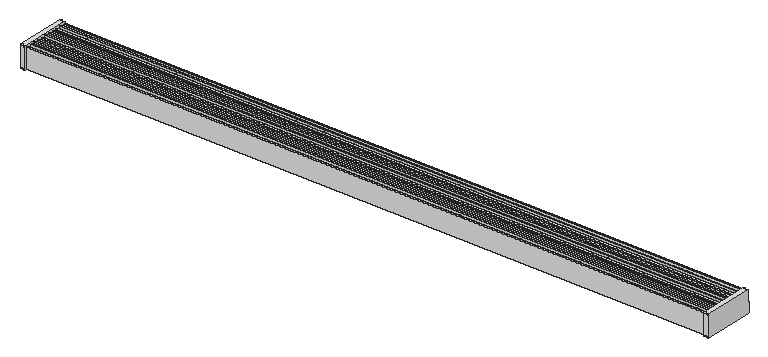
Revit family "Shower-Drain_Cover-KOHLER-Linear-K-80653_1", category Specialty Equipment, host Face, Revit 2017 (continued)
Definition of nested family "K-80653"
  Lines and regions (in)
    symbolic lines, detail levels medium+fine
      curve 1737: line (7.70298, -0.77, 0) -> (7.04018, -0.77, 0)
      curve 1738: line (7.81498, -0.77, 0) -> (7.81498, -0.83109, 0)
      curve 1739: line (7.70298, -0.77, 0) -> (7.70298, -0.83109, 0)
      curve 1740: line (8.47916, -0.77, 0) -> (8.47916, -0.91, 0)
      curve 1741: line (8.47916, -0.67, 0) -> (7.81498, -0.67, 0)
      curve 1742: line (8.47916, -0.53, 0) -> (7.81498, -0.53, 0)
      curve 1743: line (7.70298, -0.67, 0) -> (7.04018, -0.67, 0)
      curve 1744: line (7.70298, -0.53, 0) -> (7.04018, -0.53, 0)
      curve 1745: line (8.47916, -0.53, 0) -> (8.47916, -0.67, 0)
      curve 1746: line (7.04018, -0.43, 0) -> (7.04018, -0.29, 0)
      curve 1747: line (7.70298, -0.53, 0) -> (7.70298, -0.67, 0)
      curve 1748: line (7.81498, -0.53, 0) -> (7.81498, -0.67, 0)
      curve 1749: line (8.47916, -0.43, 0) -> (7.81498, -0.43, 0)
      curve 1750: line (8.47916, -0.29, 0) -> (7.81498, -0.29, 0)
      curve 1751: line (8.47916, -0.29, 0) -> (8.47916, -0.43, 0)
      curve 1752: line (7.81498, -0.29, 0) -> (7.81498, -0.43, 0)
      curve 1753: line (7.70298, -0.29, 0) -> (7.70298, -0.43, 0)
      curve 1754: line (7.04018, -0.19, 0) -> (7.04018, -0.05, 0)
      curve 1755: line (7.70298, -0.29, 0) -> (7.04018, -0.29, 0)
      curve 1756: line (7.70298, -0.43, 0) -> (7.04018, -0.43, 0)
      curve 1757: line (8.47916, -0.19, 0) -> (7.81498, -0.19, 0)
      curve 1758: line (8.47916, -0.05, 0) -> (7.81498, -0.05, 0)
      curve 1759: line (7.70298, -0.19, 0) -> (7.04018, -0.19, 0)
      curve 1760: line (7.70298, -0.05, 0) -> (7.04018, -0.05, 0)
      curve 1761: line (6.26323, 0.05, 0) -> (6.26323, 0.19, 0)
      curve 1762: line (6.82691, 1.15, 0) -> (6.36286, 1.15, 0)
      curve 1763: arc (6.92603, 1.05088, 0) -> (6.897, 1.12097, 0) -> (6.82691, 1.15, 0) r 0.09912
      curve 1764: line (6.15123, 0.05, 0) -> (6.15123, 0.19, 0)
      curve 1765: line (5.58755, 1.15, 0) -> (6.05718, 1.15, 0)
      curve 1766: line (5.48843, 1.05088, 0) -> (5.48843, 1.01, 0)
      curve 1767: arc (5.48843, 1.05088, 0) -> (5.51746, 1.12097, 0) -> (5.58755, 1.15, 0) r 0.09912
      curve 1768: line (5.48843, 0.91, 0) -> (6.15123, 0.91, 0)
      curve 1769: line (6.92741, 0.05, 0) -> (6.92741, 0.19, 0)
      curve 1770: line (6.92741, 1.01, 0) -> (6.26323, 1.01, 0)
      curve 1771: line (6.15123, 1.01, 0) -> (5.48843, 1.01, 0)
      curve 1772: line (6.92741, 1.01, 0) -> (6.92741, 1.05088, 0)
      curve 1773: line (5.48843, 0.91, 0) -> (5.48843, 0.77, 0)
      curve 1774: line (6.92741, 0.77, 0) -> (6.26323, 0.77, 0)
      curve 1775: line (6.26323, 0.91, 0) -> (6.92741, 0.91, 0)
      curve 1776: line (5.48843, 0.67, 0) -> (5.48843, 0.53, 0)
      curve 1777: line (6.15123, 0.77, 0) -> (5.48843, 0.77, 0)
      curve 1778: line (6.26323, 0.77, 0) -> (6.26323, 0.91, 0)
      curve 1779: line (6.15123, 0.77, 0) -> (6.15123, 0.91, 0)
      curve 1780: line (6.92741, 0.77, 0) -> (6.92741, 0.91, 0)
      curve 1781: line (6.92741, 0.67, 0) -> (6.26323, 0.67, 0)
      curve 1782: line (6.92741, 0.53, 0) -> (6.26323, 0.53, 0)
      curve 1783: line (6.15123, 0.67, 0) -> (5.48843, 0.67, 0)
      curve 1784: line (6.15123, 0.53, 0) -> (5.48843, 0.53, 0)
      curve 1785: line (6.92741, 0.53, 0) -> (6.92741, 0.67, 0)
      curve 1786: line (5.48843, 0.43, 0) -> (5.48843, 0.29, 0)
      curve 1787: line (6.15123, 0.53, 0) -> (6.15123, 0.67, 0)
      curve 1788: line (6.26323, 0.53, 0) -> (6.26323, 0.67, 0)
      curve 1789: line (6.92741, 0.43, 0) -> (6.26323, 0.43, 0)
      curve 1790: line (6.92741, 0.29, 0) -> (6.26323, 0.29, 0)
      curve 1791: line (6.92741, 0.29, 0) -> (6.92741, 0.43, 0)
      curve 1792: line (6.26323, 0.29, 0) -> (6.26323, 0.43, 0)
      curve 1793: line (6.15123, 0.29, 0) -> (6.15123, 0.43, 0)
      curve 1794: line (5.48843, 0.19, 0) -> (5.48843, 0.05, 0)
      curve 1795: line (6.15123, 0.29, 0) -> (5.48843, 0.29, 0)
      curve 1796: line (6.15123, 0.43, 0) -> (5.48843, 0.43, 0)
      curve 1797: line (6.92741, 0.19, 0) -> (6.26323, 0.19, 0)
      curve 1798: line (6.92741, 0.05, 0) -> (6.26323, 0.05, 0)
      curve 1799: line (6.15123, 0.19, 0) -> (5.48843, 0.19, 0)
      curve 1800: line (6.15123, 0.05, 0) -> (5.48843, 0.05, 0)
      curve 1801: line (6.26323, -0.05, 0) -> (6.26323, -0.19, 0)
      curve 1802: line (6.82691, -1.15, 0) -> (6.36859, -1.15, 0)
      curve 1803: arc (6.92603, -1.05088, 0) -> (6.897, -1.12097, 0) -> (6.82691, -1.15, 0) r 0.09912
      curve 1804: line (6.15123, -0.05, 0) -> (6.15123, -0.19, 0)
      curve 1805: line (5.58755, -1.15, 0) -> (6.05093, -1.15, 0)
      curve 1806: line (5.48843, -1.05088, 0) -> (5.48843, -1.01, 0)
      curve 1807: arc (5.48843, -1.05088, 0) -> (5.51746, -1.12097, 0) -> (5.58755, -1.15, 0) r 0.09912
      curve 1808: line (5.48843, -0.91, 0) -> (6.15123, -0.91, 0)
      curve 1809: line (6.92741, -0.05, 0) -> (6.92741, -0.19, 0)
      curve 1810: line (6.92741, -1.01, 0) -> (6.26323, -1.01, 0)
      curve 1811: line (6.15123, -1.01, 0) -> (5.48843, -1.01, 0)
      curve 1812: line (6.92741, -1.01, 0) -> (6.92741, -1.05088, 0)
      curve 1813: line (5.48843, -0.91, 0) -> (5.48843, -0.77, 0)
      curve 1814: line (6.92741, -0.77, 0) -> (6.26323, -0.77, 0)
      curve 1815: line (6.26323, -0.91, 0) -> (6.92741, -0.91, 0)
      curve 1816: line (5.48843, -0.67, 0) -> (5.48843, -0.53, 0)
      curve 1817: line (6.15123, -0.77, 0) -> (5.48843, -0.77, 0)
      curve 1818: line (6.26323, -0.77, 0) -> (6.26323, -0.91, 0)
      curve 1819: line (6.15123, -0.77, 0) -> (6.15123, -0.91, 0)
      curve 1820: line (6.92741, -0.77, 0) -> (6.92741, -0.91, 0)
      curve 1821: line (6.92741, -0.67, 0) -> (6.26323, -0.67, 0)
      curve 1822: line (6.92741, -0.53, 0) -> (6.26323, -0.53, 0)
      curve 1823: line (6.15123, -0.67, 0) -> (5.48843, -0.67, 0)
      curve 1824: line (6.15123, -0.53, 0) -> (5.48843, -0.53, 0)
      curve 1825: line (6.92741, -0.53, 0) -> (6.92741, -0.67, 0)
      curve 1826: line (5.48843, -0.43, 0) -> (5.48843, -0.29, 0)
      curve 1827: line (6.15123, -0.53, 0) -> (6.15123, -0.67, 0)
      curve 1828: line (6.26323, -0.53, 0) -> (6.26323, -0.67, 0)
      curve 1829: line (6.92741, -0.43, 0) -> (6.26323, -0.43, 0)
      curve 1830: line (6.92741, -0.29, 0) -> (6.26323, -0.29, 0)
      curve 1831: line (6.92741, -0.29, 0) -> (6.92741, -0.43, 0)
      curve 1832: line (6.26323, -0.29, 0) -> (6.26323, -0.43, 0)
      curve 1833: line (6.15123, -0.29, 0) -> (6.15123, -0.43, 0)
      curve 1834: line (5.48843, -0.19, 0) -> (5.48843, -0.05, 0)
      curve 1835: line (6.15123, -0.29, 0) -> (5.48843, -0.29, 0)
      curve 1836: line (6.15123, -0.43, 0) -> (5.48843, -0.43, 0)
      curve 1837: line (6.92741, -0.19, 0) -> (6.26323, -0.19, 0)
      curve 1838: line (6.92741, -0.05, 0) -> (6.26323, -0.05, 0)
      curve 1839: line (6.15123, -0.19, 0) -> (5.48843, -0.19, 0)
      curve 1840: line (6.15123, -0.05, 0) -> (5.48843, -0.05, 0)
      curve 1841: arc (6.26323, -1.04464, 0) -> (6.29409, -1.11914, 0) -> (6.36859, -1.15, 0) r 0.10536
      curve 1842: arc (6.15123, -1.0497, 0) -> (6.12185, -1.12062, 0) -> (6.05093, -1.15, 0) r 0.1003
      curve 1843: line (6.26323, -1.01, 0) -> (6.26323, -1.04464, 0)
      curve 1844: line (6.15123, -1.01, 0) -> (6.15123, -1.0497, 0)
      curve 1845: arc (6.26323, 1.05037, 0) -> (6.29241, 1.12082, 0) -> (6.36286, 1.15, 0) r 0.09963
      curve 1846: line (6.26323, 1.01, 0) -> (6.26323, 1.05037, 0)
      curve 1847: line (6.15123, 1.01, 0) -> (6.15123, 1.05595, 0)
      curve 1848: arc (6.15123, 1.05595, 0) -> (6.12368, 1.12245, 0) -> (6.05718, 1.15, 0) r 0.09405
      curve 1849: line (4.71021, 0.05, 0) -> (4.71021, 0.19, 0)
      curve 1850: arc (4.71021, 0.83109, 0) -> (4.72195, 0.87565, 0) -> (4.75266, 0.91, 0) r 0.09854
      curve 1851: arc (4.81757, 1.01, 0) -> (4.8205, 1.02893, 0) -> (4.82125, 1.04807, 0) r 0.16707
      curve 1852: line (5.27389, 1.15, 0) -> (4.92132, 1.15, 0)
      curve 1853: arc (5.37301, 1.05088, 0) -> (5.34398, 1.12097, 0) -> (5.27389, 1.15, 0) r 0.09912
      curve 1854: arc (4.92132, 1.15, 0) -> (4.8499, 1.12003, 0) -> (4.82125, 1.04807, 0) r 0.10009
      curve 1855: arc (4.56686, 1.01, 0) -> (4.65421, 1.13911, 0) -> (4.74157, 1.01, 0) r 0.09411
      curve 1856: line (4.59821, 0.05, 0) -> (4.59821, 0.19, 0)
      curve 1857: arc (4.59821, 0.83109, 0) -> (4.58647, 0.87565, 0) -> (4.55576, 0.91, 0) r 0.09854
      curve 1858: arc (4.49085, 1.01, 0) -> (4.48792, 1.02893, 0) -> (4.48717, 1.04807, 0) r 0.16707
      curve 1859: line (4.03453, 1.15, 0) -> (4.3871, 1.15, 0)
      curve 1860: line (3.93541, 1.05088, 0) -> (3.93541, 1.01, 0)
      curve 1861: arc (3.93541, 1.05088, 0) -> (3.96444, 1.12097, 0) -> (4.03453, 1.15, 0) r 0.09912
      curve 1862: arc (4.3871, 1.15, 0) -> (4.45852, 1.12003, 0) -> (4.48717, 1.04807, 0) r 0.10009
      curve 1863: line (3.93541, 0.91, 0) -> (4.55576, 0.91, 0)
      curve 1864: line (5.3744, 0.05, 0) -> (5.3744, 0.19, 0)
      curve 1865: line (5.3744, 1.01, 0) -> (4.81757, 1.01, 0)
      curve 1866: line (4.49085, 1.01, 0) -> (3.93541, 1.01, 0)
      curve 1867: line (4.74157, 1.01, 0) -> (4.56686, 1.01, 0)
      curve 1868: line (5.3744, 1.01, 0) -> (5.3744, 1.05088, 0)
      curve 1869: line (3.93541, 0.91, 0) -> (3.93541, 0.77, 0)
      curve 1870: line (5.3744, 0.77, 0) -> (4.71021, 0.77, 0)
      curve 1871: line (4.75266, 0.91, 0) -> (5.3744, 0.91, 0)
      curve 1872: line (3.93541, 0.67, 0) -> (3.93541, 0.53, 0)
      curve 1873: line (4.59821, 0.77, 0) -> (3.93541, 0.77, 0)
      curve 1874: line (4.71021, 0.77, 0) -> (4.71021, 0.83109, 0)
      curve 1875: line (4.59821, 0.77, 0) -> (4.59821, 0.83109, 0)
      curve 1876: line (5.3744, 0.77, 0) -> (5.3744, 0.91, 0)
      curve 1877: line (5.3744, 0.67, 0) -> (4.71021, 0.67, 0)
      curve 1878: line (5.3744, 0.53, 0) -> (4.71021, 0.53, 0)
      curve 1879: line (4.59821, 0.67, 0) -> (3.93541, 0.67, 0)
      curve 1880: line (4.59821, 0.53, 0) -> (3.93541, 0.53, 0)
      curve 1881: line (5.3744, 0.53, 0) -> (5.3744, 0.67, 0)
      curve 1882: line (3.93541, 0.43, 0) -> (3.93541, 0.29, 0)
      curve 1883: line (4.59821, 0.53, 0) -> (4.59821, 0.67, 0)
      curve 1884: line (4.71021, 0.53, 0) -> (4.71021, 0.67, 0)
      curve 1885: line (5.3744, 0.43, 0) -> (4.71021, 0.43, 0)
      curve 1886: line (5.3744, 0.29, 0) -> (4.71021, 0.29, 0)
      curve 1887: line (5.3744, 0.29, 0) -> (5.3744, 0.43, 0)
      curve 1888: line (4.71021, 0.29, 0) -> (4.71021, 0.43, 0)
      curve 1889: line (4.59821, 0.29, 0) -> (4.59821, 0.43, 0)
      curve 1890: line (3.93541, 0.19, 0) -> (3.93541, 0.05, 0)
      curve 1891: line (4.59821, 0.29, 0) -> (3.93541, 0.29, 0)
      curve 1892: line (4.59821, 0.43, 0) -> (3.93541, 0.43, 0)
      curve 1893: line (5.3744, 0.19, 0) -> (4.71021, 0.19, 0)
      curve 1894: line (5.3744, 0.05, 0) -> (4.71021, 0.05, 0)
      curve 1895: line (4.59821, 0.19, 0) -> (3.93541, 0.19, 0)
      curve 1896: line (4.59821, 0.05, 0) -> (3.93541, 0.05, 0)
      curve 1897: line (4.71021, -0.05, 0) -> (4.71021, -0.19, 0)
      curve 1898: arc (4.71021, -0.83109, 0) -> (4.72195, -0.87565, 0) -> (4.75266, -0.91, 0) r 0.09854
      curve 1899: arc (4.81757, -1.01, 0) -> (4.8205, -1.02893, 0) -> (4.82125, -1.04807, 0) r 0.16707
      curve 1900: line (5.27389, -1.15, 0) -> (4.92132, -1.15, 0)
      curve 1901: arc (5.37301, -1.05088, 0) -> (5.34398, -1.12097, 0) -> (5.27389, -1.15, 0) r 0.09912
      curve 1902: arc (4.92132, -1.15, 0) -> (4.8499, -1.12003, 0) -> (4.82125, -1.04807, 0) r 0.10009
      curve 1903: arc (4.56686, -1.01, 0) -> (4.65421, -1.13911, 0) -> (4.74157, -1.01, 0) r 0.09411
      curve 1904: line (4.59821, -0.05, 0) -> (4.59821, -0.19, 0)
      curve 1905: arc (4.59821, -0.83109, 0) -> (4.58647, -0.87565, 0) -> (4.55576, -0.91, 0) r 0.09854
      curve 1906: arc (4.49085, -1.01, 0) -> (4.48792, -1.02893, 0) -> (4.48717, -1.04807, 0) r 0.16707
      curve 1907: line (4.03453, -1.15, 0) -> (4.3871, -1.15, 0)
      curve 1908: line (3.93541, -1.05088, 0) -> (3.93541, -1.01, 0)
      curve 1909: arc (3.93541, -1.05088, 0) -> (3.96444, -1.12097, 0) -> (4.03453, -1.15, 0) r 0.09912
      curve 1910: arc (4.3871, -1.15, 0) -> (4.45852, -1.12003, 0) -> (4.48717, -1.04807, 0) r 0.10009
      curve 1911: line (3.93541, -0.91, 0) -> (4.55576, -0.91, 0)
      curve 1912: line (5.3744, -0.05, 0) -> (5.3744, -0.19, 0)
      curve 1913: line (5.3744, -1.01, 0) -> (4.81757, -1.01, 0)
      curve 1914: line (4.49085, -1.01, 0) -> (3.93541, -1.01, 0)
      curve 1915: line (4.74157, -1.01, 0) -> (4.56686, -1.01, 0)
      curve 1916: line (5.3744, -1.01, 0) -> (5.3744, -1.05088, 0)
      curve 1917: line (3.93541, -0.91, 0) -> (3.93541, -0.77, 0)
      curve 1918: line (5.3744, -0.77, 0) -> (4.71021, -0.77, 0)
      curve 1919: line (4.75266, -0.91, 0) -> (5.3744, -0.91, 0)
      curve 1920: line (3.93541, -0.67, 0) -> (3.93541, -0.53, 0)
      curve 1921: line (4.59821, -0.77, 0) -> (3.93541, -0.77, 0)
      curve 1922: line (4.71021, -0.77, 0) -> (4.71021, -0.83109, 0)
      curve 1923: line (4.59821, -0.77, 0) -> (4.59821, -0.83109, 0)
      curve 1924: line (5.3744, -0.77, 0) -> (5.3744, -0.91, 0)
      curve 1925: line (5.3744, -0.67, 0) -> (4.71021, -0.67, 0)
      curve 1926: line (5.3744, -0.53, 0) -> (4.71021, -0.53, 0)
      curve 1927: line (4.59821, -0.67, 0) -> (3.93541, -0.67, 0)
      curve 1928: line (4.59821, -0.53, 0) -> (3.93541, -0.53, 0)
      curve 1929: line (5.3744, -0.53, 0) -> (5.3744, -0.67, 0)
      curve 1930: line (3.93541, -0.43, 0) -> (3.93541, -0.29, 0)
      curve 1931: line (4.59821, -0.53, 0) -> (4.59821, -0.67, 0)
      curve 1932: line (4.71021, -0.53, 0) -> (4.71021, -0.67, 0)
      curve 1933: line (5.3744, -0.43, 0) -> (4.71021, -0.43, 0)
      curve 1934: line (5.3744, -0.29, 0) -> (4.71021, -0.29, 0)
      curve 1935: line (5.3744, -0.29, 0) -> (5.3744, -0.43, 0)
      curve 1936: line (4.71021, -0.29, 0) -> (4.71021, -0.43, 0)
      curve 1937: line (4.59821, -0.29, 0) -> (4.59821, -0.43, 0)
      curve 1938: line (3.93541, -0.19, 0) -> (3.93541, -0.05, 0)
      curve 1939: line (4.59821, -0.29, 0) -> (3.93541, -0.29, 0)
      curve 1940: line (4.59821, -0.43, 0) -> (3.93541, -0.43, 0)
      curve 1941: line (5.3744, -0.19, 0) -> (4.71021, -0.19, 0)
      curve 1942: line (5.3744, -0.05, 0) -> (4.71021, -0.05, 0)
      curve 1943: line (4.59821, -0.19, 0) -> (3.93541, -0.19, 0)
      curve 1944: line (4.59821, -0.05, 0) -> (3.93541, -0.05, 0)
      curve 1945: line (3.15846, 0.05, 0) -> (3.15846, 0.19, 0)
      curve 1946: line (3.72214, 1.15, 0) -> (3.25809, 1.15, 0)
      curve 1947: arc (3.82126, 1.05088, 0) -> (3.79223, 1.12097, 0) -> (3.72214, 1.15, 0) r 0.09912
      curve 1948: line (3.04646, 0.05, 0) -> (3.04646, 0.19, 0)
      curve 1949: line (2.48278, 1.15, 0) -> (2.95241, 1.15, 0)
      curve 1950: line (2.38366, 1.05088, 0) -> (2.38366, 1.01, 0)
      curve 1951: arc (2.38366, 1.05088, 0) -> (2.41269, 1.12097, 0) -> (2.48278, 1.15, 0) r 0.09912
      curve 1952: line (2.38366, 0.91, 0) -> (3.04646, 0.91, 0)
      curve 1953: line (3.82265, 0.05, 0) -> (3.82265, 0.19, 0)
      curve 1954: line (3.82265, 1.01, 0) -> (3.15846, 1.01, 0)
      curve 1955: line (3.04646, 1.01, 0) -> (2.38366, 1.01, 0)
      curve 1956: line (3.82265, 1.01, 0) -> (3.82265, 1.05088, 0)
      curve 1957: line (2.38366, 0.91, 0) -> (2.38366, 0.77, 0)
      curve 1958: line (3.82265, 0.77, 0) -> (3.15846, 0.77, 0)
      curve 1959: line (3.15846, 0.91, 0) -> (3.82265, 0.91, 0)
      curve 1960: line (2.38366, 0.67, 0) -> (2.38366, 0.53, 0)
      curve 1961: line (3.04646, 0.77, 0) -> (2.38366, 0.77, 0)
      curve 1962: line (3.15846, 0.77, 0) -> (3.15846, 0.91, 0)
      curve 1963: line (3.04646, 0.77, 0) -> (3.04646, 0.91, 0)
      curve 1964: line (3.82265, 0.77, 0) -> (3.82265, 0.91, 0)
      curve 1965: line (3.82265, 0.67, 0) -> (3.15846, 0.67, 0)
      curve 1966: line (3.82265, 0.53, 0) -> (3.15846, 0.53, 0)
      curve 1967: line (3.04646, 0.67, 0) -> (2.38366, 0.67, 0)
      curve 1968: line (3.04646, 0.53, 0) -> (2.38366, 0.53, 0)
      curve 1969: line (3.82265, 0.53, 0) -> (3.82265, 0.67, 0)
      curve 1970: line (2.38366, 0.43, 0) -> (2.38366, 0.29, 0)
      curve 1971: line (3.04646, 0.53, 0) -> (3.04646, 0.67, 0)
      curve 1972: line (3.15846, 0.53, 0) -> (3.15846, 0.67, 0)
      curve 1973: line (3.82265, 0.43, 0) -> (3.15846, 0.43, 0)
      curve 1974: line (3.82265, 0.29, 0) -> (3.15846, 0.29, 0)
      curve 1975: line (3.82265, 0.29, 0) -> (3.82265, 0.43, 0)
      curve 1976: line (3.15846, 0.29, 0) -> (3.15846, 0.43, 0)
      curve 1977: line (3.04646, 0.29, 0) -> (3.04646, 0.43, 0)
      curve 1978: line (2.38366, 0.19, 0) -> (2.38366, 0.05, 0)
      curve 1979: line (3.04646, 0.29, 0) -> (2.38366, 0.29, 0)
      curve 1980: line (3.04646, 0.43, 0) -> (2.38366, 0.43, 0)
      curve 1981: line (3.82265, 0.19, 0) -> (3.15846, 0.19, 0)
      curve 1982: line (3.82265, 0.05, 0) -> (3.15846, 0.05, 0)
      curve 1983: line (3.04646, 0.19, 0) -> (2.38366, 0.19, 0)
      curve 1984: line (3.04646, 0.05, 0) -> (2.38366, 0.05, 0)
      curve 1985: line (3.15846, -0.05, 0) -> (3.15846, -0.19, 0)
      curve 1986: line (3.72214, -1.15, 0) -> (3.26382, -1.15, 0)
      curve 1987: arc (3.82126, -1.05088, 0) -> (3.79223, -1.12097, 0) -> (3.72214, -1.15, 0) r 0.09912
      curve 1988: line (3.04646, -0.05, 0) -> (3.04646, -0.19, 0)
      curve 1989: line (2.48278, -1.15, 0) -> (2.94616, -1.15, 0)
      curve 1990: line (2.38366, -1.05088, 0) -> (2.38366, -1.01, 0)
      curve 1991: arc (2.38366, -1.05088, 0) -> (2.41269, -1.12097, 0) -> (2.48278, -1.15, 0) r 0.09912
      curve 1992: line (2.38366, -0.91, 0) -> (3.04646, -0.91, 0)
      curve 1993: line (3.82265, -0.05, 0) -> (3.82265, -0.19, 0)
      curve 1994: line (3.82265, -1.01, 0) -> (3.15846, -1.01, 0)
      curve 1995: line (3.04646, -1.01, 0) -> (2.38366, -1.01, 0)
      curve 1996: line (3.82265, -1.01, 0) -> (3.82265, -1.05088, 0)
      curve 1997: line (2.38366, -0.91, 0) -> (2.38366, -0.77, 0)
      curve 1998: line (3.82265, -0.77, 0) -> (3.15846, -0.77, 0)
      curve 1999: line (3.15846, -0.91, 0) -> (3.82265, -0.91, 0)
      curve 2000: line (2.38366, -0.67, 0) -> (2.38366, -0.53, 0)
      curve 2001: line (3.04646, -0.77, 0) -> (2.38366, -0.77, 0)
      curve 2002: line (3.15846, -0.77, 0) -> (3.15846, -0.91, 0)
      curve 2003: line (3.04646, -0.77, 0) -> (3.04646, -0.91, 0)
      curve 2004: line (3.82265, -0.77, 0) -> (3.82265, -0.91, 0)
      curve 2005: line (3.82265, -0.67, 0) -> (3.15846, -0.67, 0)
      curve 2006: line (3.82265, -0.53, 0) -> (3.15846, -0.53, 0)
      curve 2007: line (3.04646, -0.67, 0) -> (2.38366, -0.67, 0)
      curve 2008: line (3.04646, -0.53, 0) -> (2.38366, -0.53, 0)
      curve 2009: line (3.82265, -0.53, 0) -> (3.82265, -0.67, 0)
      curve 2010: line (2.38366, -0.43, 0) -> (2.38366, -0.29, 0)
      curve 2011: line (3.04646, -0.53, 0) -> (3.04646, -0.67, 0)
      curve 2012: line (3.15846, -0.53, 0) -> (3.15846, -0.67, 0)
      curve 2013: line (3.82265, -0.43, 0) -> (3.15846, -0.43, 0)
      curve 2014: line (3.82265, -0.29, 0) -> (3.15846, -0.29, 0)
      curve 2015: line (3.82265, -0.29, 0) -> (3.82265, -0.43, 0)
      curve 2016: line (3.15846, -0.29, 0) -> (3.15846, -0.43, 0)
      curve 2017: line (3.04646, -0.29, 0) -> (3.04646, -0.43, 0)
      curve 2018: line (2.38366, -0.19, 0) -> (2.38366, -0.05, 0)
      curve 2019: line (3.04646, -0.29, 0) -> (2.38366, -0.29, 0)
      curve 2020: line (3.04646, -0.43, 0) -> (2.38366, -0.43, 0)
      curve 2021: line (3.82265, -0.19, 0) -> (3.15846, -0.19, 0)
      curve 2022: line (3.82265, -0.05, 0) -> (3.15846, -0.05, 0)
      curve 2023: line (3.04646, -0.19, 0) -> (2.38366, -0.19, 0)
      curve 2024: line (3.04646, -0.05, 0) -> (2.38366, -0.05, 0)
      curve 2025: arc (3.15846, -1.04464, 0) -> (3.18932, -1.11914, 0) -> (3.26382, -1.15, 0) r 0.10536
      curve 2026: arc (3.04646, -1.0497, 0) -> (3.01708, -1.12062, 0) -> (2.94616, -1.15, 0) r 0.1003
      curve 2027: line (3.15846, -1.01, 0) -> (3.15846, -1.04464, 0)
      curve 2028: line (3.04646, -1.01, 0) -> (3.04646, -1.0497, 0)
      curve 2029: arc (3.15846, 1.05037, 0) -> (3.18764, 1.12082, 0) -> (3.25809, 1.15, 0) r 0.09963
      curve 2030: line (3.15846, 1.01, 0) -> (3.15846, 1.05037, 0)
      curve 2031: line (3.04646, 1.01, 0) -> (3.04646, 1.05595, 0)
      curve 2032: arc (3.04646, 1.05595, 0) -> (3.01891, 1.12245, 0) -> (2.95241, 1.15, 0) r 0.09405
      curve 2033: line (1.6117, 0.05, 0) -> (1.6117, 0.19, 0)
      curve 2034: arc (1.6117, 0.83109, 0) -> (1.62343, 0.87565, 0) -> (1.65415, 0.91, 0) r 0.09854
      curve 2035: arc (1.71906, 1.01, 0) -> (1.72199, 1.02893, 0) -> (1.72273, 1.04807, 0) r 0.16707
      curve 2036: line (2.17538, 1.15, 0) -> (1.82281, 1.15, 0)
      curve 2037: arc (2.2745, 1.05088, 0) -> (2.24547, 1.12097, 0) -> (2.17538, 1.15, 0) r 0.09912
      curve 2038: arc (1.82281, 1.15, 0) -> (1.75139, 1.12003, 0) -> (1.72273, 1.04807, 0) r 0.10009
      curve 2039: arc (1.46834, 1.01, 0) -> (1.5557, 1.13911, 0) -> (1.64305, 1.01, 0) r 0.09411
      curve 2040: line (1.4997, 0.05, 0) -> (1.4997, 0.19, 0)
      curve 2041: arc (1.4997, 0.83109, 0) -> (1.48796, 0.87565, 0) -> (1.45725, 0.91, 0) r 0.09854
      curve 2042: arc (1.39234, 1.01, 0) -> (1.38941, 1.02893, 0) -> (1.38866, 1.04807, 0) r 0.16707
      curve 2043: line (0.93602, 1.15, 0) -> (1.28859, 1.15, 0)
      curve 2044: line (0.8369, 1.05088, 0) -> (0.8369, 1.01, 0)
      curve 2045: arc (0.8369, 1.05088, 0) -> (0.86593, 1.12097, 0) -> (0.93602, 1.15, 0) r 0.09912
      curve 2046: arc (1.28859, 1.15, 0) -> (1.36001, 1.12003, 0) -> (1.38866, 1.04807, 0) r 0.10009
      curve 2047: line (0.8369, 0.91, 0) -> (1.45725, 0.91, 0)
      curve 2048: line (2.27588, 0.05, 0) -> (2.27588, 0.19, 0)
      curve 2049: line (2.27588, 1.01, 0) -> (1.71906, 1.01, 0)
      curve 2050: line (1.39234, 1.01, 0) -> (0.8369, 1.01, 0)
      curve 2051: line (1.64305, 1.01, 0) -> (1.46834, 1.01, 0)
      curve 2052: line (2.27588, 1.01, 0) -> (2.27588, 1.05088, 0)
      curve 2053: line (0.8369, 0.91, 0) -> (0.8369, 0.77, 0)
      curve 2054: line (2.27588, 0.77, 0) -> (1.6117, 0.77, 0)
      curve 2055: line (1.65415, 0.91, 0) -> (2.27588, 0.91, 0)
      curve 2056: line (0.8369, 0.67, 0) -> (0.8369, 0.53, 0)
      curve 2057: line (1.4997, 0.77, 0) -> (0.8369, 0.77, 0)
      curve 2058: line (1.6117, 0.77, 0) -> (1.6117, 0.83109, 0)
      curve 2059: line (1.4997, 0.77, 0) -> (1.4997, 0.83109, 0)
      curve 2060: line (2.27588, 0.77, 0) -> (2.27588, 0.91, 0)
      curve 2061: line (2.27588, 0.67, 0) -> (1.6117, 0.67, 0)
      curve 2062: line (2.27588, 0.53, 0) -> (1.6117, 0.53, 0)
      curve 2063: line (1.4997, 0.67, 0) -> (0.8369, 0.67, 0)
      curve 2064: line (1.4997, 0.53, 0) -> (0.8369, 0.53, 0)
      curve 2065: line (2.27588, 0.53, 0) -> (2.27588, 0.67, 0)
      curve 2066: line (0.8369, 0.43, 0) -> (0.8369, 0.29, 0)
      curve 2067: line (1.4997, 0.53, 0) -> (1.4997, 0.67, 0)
      curve 2068: line (1.6117, 0.53, 0) -> (1.6117, 0.67, 0)
      curve 2069: line (2.27588, 0.43, 0) -> (1.6117, 0.43, 0)
      curve 2070: line (2.27588, 0.29, 0) -> (1.6117, 0.29, 0)
      curve 2071: line (2.27588, 0.29, 0) -> (2.27588, 0.43, 0)
      curve 2072: line (1.6117, 0.29, 0) -> (1.6117, 0.43, 0)
      curve 2073: line (1.4997, 0.29, 0) -> (1.4997, 0.43, 0)
      curve 2074: line (0.8369, 0.19, 0) -> (0.8369, 0.05, 0)
      curve 2075: line (1.4997, 0.29, 0) -> (0.8369, 0.29, 0)
      curve 2076: line (1.4997, 0.43, 0) -> (0.8369, 0.43, 0)
      curve 2077: line (2.27588, 0.19, 0) -> (1.6117, 0.19, 0)
      curve 2078: line (2.27588, 0.05, 0) -> (1.6117, 0.05, 0)
      curve 2079: line (1.4997, 0.19, 0) -> (0.8369, 0.19, 0)
      curve 2080: line (1.4997, 0.05, 0) -> (0.8369, 0.05, 0)
      curve 2081: line (1.6117, -0.05, 0) -> (1.6117, -0.19, 0)
      curve 2082: arc (1.6117, -0.83109, 0) -> (1.62343, -0.87565, 0) -> (1.65415, -0.91, 0) r 0.09854
      curve 2083: arc (1.71906, -1.01, 0) -> (1.72199, -1.02893, 0) -> (1.72273, -1.04807, 0) r 0.16707
      curve 2084: line (2.17538, -1.15, 0) -> (1.82281, -1.15, 0)
      curve 2085: arc (2.2745, -1.05088, 0) -> (2.24547, -1.12097, 0) -> (2.17538, -1.15, 0) r 0.09912
      curve 2086: arc (1.82281, -1.15, 0) -> (1.75139, -1.12003, 0) -> (1.72273, -1.04807, 0) r 0.10009
      curve 2087: arc (1.46834, -1.01, 0) -> (1.5557, -1.13911, 0) -> (1.64305, -1.01, 0) r 0.09411
      curve 2088: line (1.4997, -0.05, 0) -> (1.4997, -0.19, 0)
      curve 2089: arc (1.4997, -0.83109, 0) -> (1.48796, -0.87565, 0) -> (1.45725, -0.91, 0) r 0.09854
      curve 2090: arc (1.39234, -1.01, 0) -> (1.38941, -1.02893, 0) -> (1.38866, -1.04807, 0) r 0.16707
      curve 2091: line (0.93602, -1.15, 0) -> (1.28859, -1.15, 0)
      curve 2092: line (0.8369, -1.05088, 0) -> (0.8369, -1.01, 0)
      curve 2093: arc (0.8369, -1.05088, 0) -> (0.86593, -1.12097, 0) -> (0.93602, -1.15, 0) r 0.09912
      curve 2094: arc (1.28859, -1.15, 0) -> (1.36001, -1.12003, 0) -> (1.38866, -1.04807, 0) r 0.10009
      curve 2095: line (0.8369, -0.91, 0) -> (1.45725, -0.91, 0)
      curve 2096: line (2.27588, -0.05, 0) -> (2.27588, -0.19, 0)
      curve 2097: line (2.27588, -1.01, 0) -> (1.71906, -1.01, 0)
      curve 2098: line (1.39234, -1.01, 0) -> (0.8369, -1.01, 0)
      curve 2099: line (1.64305, -1.01, 0) -> (1.46834, -1.01, 0)
      curve 2100: line (2.27588, -1.01, 0) -> (2.27588, -1.05088, 0)
      curve 2101: line (0.8369, -0.91, 0) -> (0.8369, -0.77, 0)
      curve 2102: line (2.27588, -0.77, 0) -> (1.6117, -0.77, 0)
      curve 2103: line (1.65415, -0.91, 0) -> (2.27588, -0.91, 0)
      curve 2104: line (0.8369, -0.67, 0) -> (0.8369, -0.53, 0)
      curve 2105: line (1.4997, -0.77, 0) -> (0.8369, -0.77, 0)
      curve 2106: line (1.6117, -0.77, 0) -> (1.6117, -0.83109, 0)
      curve 2107: line (1.4997, -0.77, 0) -> (1.4997, -0.83109, 0)
      curve 2108: line (2.27588, -0.77, 0) -> (2.27588, -0.91, 0)
      curve 2109: line (2.27588, -0.67, 0) -> (1.6117, -0.67, 0)
      curve 2110: line (2.27588, -0.53, 0) -> (1.6117, -0.53, 0)
      curve 2111: line (1.4997, -0.67, 0) -> (0.8369, -0.67, 0)
      curve 2112: line (1.4997, -0.53, 0) -> (0.8369, -0.53, 0)
      curve 2113: line (2.27588, -0.53, 0) -> (2.27588, -0.67, 0)
      curve 2114: line (0.8369, -0.43, 0) -> (0.8369, -0.29, 0)
      curve 2115: line (1.4997, -0.53, 0) -> (1.4997, -0.67, 0)
      curve 2116: line (1.6117, -0.53, 0) -> (1.6117, -0.67, 0)
      curve 2117: line (2.27588, -0.43, 0) -> (1.6117, -0.43, 0)
      curve 2118: line (2.27588, -0.29, 0) -> (1.6117, -0.29, 0)
      curve 2119: line (2.27588, -0.29, 0) -> (2.27588, -0.43, 0)
      curve 2120: line (1.6117, -0.29, 0) -> (1.6117, -0.43, 0)
      curve 2121: line (1.4997, -0.29, 0) -> (1.4997, -0.43, 0)
      curve 2122: line (0.8369, -0.19, 0) -> (0.8369, -0.05, 0)
      curve 2123: line (1.4997, -0.29, 0) -> (0.8369, -0.29, 0)
      curve 2124: line (1.4997, -0.43, 0) -> (0.8369, -0.43, 0)
      curve 2125: line (2.27588, -0.19, 0) -> (1.6117, -0.19, 0)
      curve 2126: line (2.27588, -0.05, 0) -> (1.6117, -0.05, 0)
      curve 2127: line (1.4997, -0.19, 0) -> (0.8369, -0.19, 0)
      curve 2128: line (1.4997, -0.05, 0) -> (0.8369, -0.05, 0)
      curve 2129: line (0.05995, 0.05, 0) -> (0.05995, 0.19, 0)
      curve 2130: line (0.62363, 1.15, 0) -> (0.15957, 1.15, 0)
      curve 2131: arc (0.72275, 1.05088, 0) -> (0.69372, 1.12097, 0) -> (0.62363, 1.15, 0) r 0.09912
      curve 2132: line (0.72413, 0.05, 0) -> (0.72413, 0.19, 0)
      curve 2133: line (0.72413, 1.01, 0) -> (0.05995, 1.01, 0)
      curve 2134: line (0.72413, 1.01, 0) -> (0.72413, 1.05088, 0)
      curve 2135: line (0.72413, 0.77, 0) -> (0.05995, 0.77, 0)
      curve 2136: line (0.05995, 0.91, 0) -> (0.72413, 0.91, 0)
      curve 2137: line (0.05995, 0.77, 0) -> (0.05995, 0.91, 0)
      curve 2138: line (0.72413, 0.77, 0) -> (0.72413, 0.91, 0)
      curve 2139: line (0.72413, 0.67, 0) -> (0.05995, 0.67, 0)
      curve 2140: line (0.72413, 0.53, 0) -> (0.05995, 0.53, 0)
      curve 2141: line (0.72413, 0.53, 0) -> (0.72413, 0.67, 0)
      curve 2142: line (0.05995, 0.53, 0) -> (0.05995, 0.67, 0)
      curve 2143: line (0.72413, 0.43, 0) -> (0.05995, 0.43, 0)
      curve 2144: line (0.72413, 0.29, 0) -> (0.05995, 0.29, 0)
      curve 2145: line (0.72413, 0.29, 0) -> (0.72413, 0.43, 0)
      curve 2146: line (0.05995, 0.29, 0) -> (0.05995, 0.43, 0)
      curve 2147: line (0.72413, 0.19, 0) -> (0.05995, 0.19, 0)
      curve 2148: line (0.72413, 0.05, 0) -> (0.05995, 0.05, 0)
      curve 2149: line (0.05995, -0.05, 0) -> (0.05995, -0.19, 0)
      curve 2150: line (0.62363, -1.15, 0) -> (0.16531, -1.15, 0)
      curve 2151: arc (0.72275, -1.05088, 0) -> (0.69372, -1.12097, 0) -> (0.62363, -1.15, 0) r 0.09912
      curve 2152: line (0.72413, -0.05, 0) -> (0.72413, -0.19, 0)
      curve 2153: line (0.72413, -1.01, 0) -> (0.05995, -1.01, 0)
      curve 2154: line (0.72413, -1.01, 0) -> (0.72413, -1.05088, 0)
      curve 2155: line (0.72413, -0.77, 0) -> (0.05995, -0.77, 0)
      curve 2156: line (0.05995, -0.91, 0) -> (0.72413, -0.91, 0)
      curve 2157: line (0.05995, -0.77, 0) -> (0.05995, -0.91, 0)
      curve 2158: line (0.72413, -0.77, 0) -> (0.72413, -0.91, 0)
      curve 2159: line (0.72413, -0.67, 0) -> (0.05995, -0.67, 0)
      curve 2160: line (0.72413, -0.53, 0) -> (0.05995, -0.53, 0)
      curve 2161: line (0.72413, -0.53, 0) -> (0.72413, -0.67, 0)
      curve 2162: line (0.05995, -0.53, 0) -> (0.05995, -0.67, 0)
      curve 2163: line (0.72413, -0.43, 0) -> (0.05995, -0.43, 0)
      curve 2164: line (0.72413, -0.29, 0) -> (0.05995, -0.29, 0)
      curve 2165: line (0.72413, -0.29, 0) -> (0.72413, -0.43, 0)
      curve 2166: line (0.05995, -0.29, 0) -> (0.05995, -0.43, 0)
      curve 2167: line (0.72413, -0.19, 0) -> (0.05995, -0.19, 0)
      curve 2168: line (0.72413, -0.05, 0) -> (0.05995, -0.05, 0)
      curve 2169: arc (0.05995, -1.04464, 0) -> (0.09081, -1.11914, 0) -> (0.16531, -1.15, 0) r 0.10536
      curve 2170: line (0.05995, -1.01, 0) -> (0.05995, -1.04464, 0)
      curve 2171: arc (0.05995, 1.05037, 0) -> (0.08913, 1.12082, 0) -> (0.15957, 1.15, 0) r 0.09963
      curve 2172: line (0.05995, 1.01, 0) -> (0.05995, 1.05037, 0)
  Dimensions and locks (in)
    plane 4 to plane 1 "Center (Front/Back)" = 1 9/32"
    plane 6 to plane 1 "Center (Front/Back)" = 1 1/4"
    level to plane 8 = 1 1/8"
    plane 9 to plane 3 "Center (Left/Right)" = 18"
    aligned and locked: plane 2 to level
Types (5): name | Type | Model | Finish
  (no name) | 4 | "K-80653-SH" | Kohler-Metal-SH-Bright_Silver
  2MB-Vibrant Brushed Moderne Brass | 1 | "K-80653-2MB" | Kohler-Metal-2MB-Vibrant_Brushed_Moderne_Brass
  BL-Matte Black | 2 | "K-80653-BL" | Kohler-Metal-BL-Matte_Black
  BNK-Anodized Brushed Nickel | 3 | "K-80653-BNK" | Kohler-Metal-BNK-Anodized_Brushed_Nickel
  SH-Bright Silver | 4 | "K-80653-SH" | Kohler-Metal-SH-Bright_Silver
